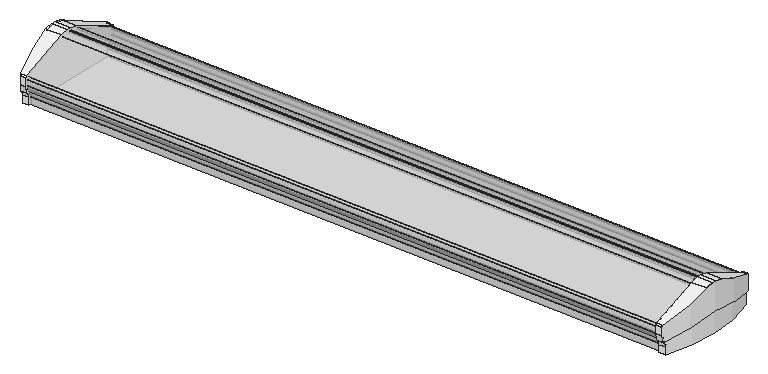
Revit family "0044871 Lighting Fixture_Sylvania_DeltaWing-LED-Electronic_Ceiling Surface", category Lighting Fixtures, host Face, Revit 2017
Family settings
  Host = Face
  Round Connector Dimension = Use Diameter
  Part Type = Normal
  OmniClass Number = 23.80.70.11.17
  OmniClass Title = Specialized Lighting by Location or Use
  Cut with Voids When Loaded = No
  Light Source = Yes
  Shared = No
  Room Calculation Point = No
Parameters (values of type "DELTAWING LED39 EB 4K 1200")
  Width = 200.0 mm
  Weight = 3.40 kg
  Wattage = 36 W
  built-in parameter 1150110 = 1 (stored number, unit not read)
  Voltage Comments = "UNV (Universal Voltage; 220-240 Volt)"  # constant formula
  Voltage = 230 V  # constant formula
  URL = "http://www.sylvania-lighting.com"
  built-in parameter 1114217 = 1 (stored number, unit not read)
  Tilt Angle = -90.00°
  built-in parameter 1150109 = 1 (stored number, unit not read)
  built-in parameter 1150134 = 12
  Ta Rating = "-10°C  to +25°C"  # constant formula
  built-in parameter 1150113 = 1 (stored number, unit not read)
  Product Page URL = "http://www.sylvania-lighting.com/product/en-int/products/0044871"
  Product Family = "DELTAWING LED - ELECTRONIC"  # constant formula
  Photometry Comments = ""
  Photometric Web File = "0044871_DELTAWINGLED40EB4K1200-197903.ies"
  Life = "50 000h"  # constant formula
  Length = 1218.0 mm
  LOR = "100%"
  Inrush Current (max. quantity per 16A C breaker) = "20"  # constant formula
  IP Rating = "IP44"  # constant formula
  IK Rating = "IK08"  # constant formula
  Height = 85.0 mm
  Glow Wire Test = 850 °C  # constant formula
  Glare Control = "UGR<22"
  Emit from Line Length = Length - 2.0 mm * 29  # 1160.0 mm
  Electrical Protection = "Class I"  # constant formula
  Drive Current = "250mA"
  built-in parameter 1114216 [instance] = 1 (stored number, unit not read)
  Cap Material = Plastic_Sylvania_DeltaWing_White
  Model = "DELTAWING LED39 EB 4K 1200"
  Manufacturer = "Feilo Sylvania"
  built-in parameter 1150105 = 1278.6 (stored number, unit not read)
  Lumens = 4029.84 lm
  built-in parameter 1150115 = 1 (stored number, unit not read)
  built-in parameter 1150137 = (empty or 0)
  built-in parameter 1150139 = (empty or 0)
  built-in parameter 1150112 = 1 (stored number, unit not read)
  built-in parameter 1150114 = 1 (stored number, unit not read)
  Lamp = "\tIntegrated LED"  # constant formula
  built-in parameter 1150132 = 2
  built-in parameter 1150102 = (empty or 0)
  built-in parameter 1150107 = 4000 (stored number, unit not read)
  built-in parameter 1150138 = (empty or 0)
  built-in parameter 1150106 = 12.786 (stored number, unit not read)
  CRI (Ra) = "> 80"  # constant formula
  Body Material = Steel_Sylvania_DeltaWing_White
  built-in parameter 1150104 = 10.4 (stored number, unit not read)
  Dimming Lamp Color Temperature Shift = <None>
  Diffuser Material = Polycarbonate_Sylvania_DeltaWing_Opal_4000K
  Description = "Low profile surface and suspended LED diffuser luminaire DeltaWing LED is perfect to fulfil a wide range of applications, including educational environments, medical buildings, storage facilities and circulation areas including stairwells High performance: delivers up to 7,260lm (luminaire lumen output on 4,000K version), and up to 102lm/W (total system efficiency) Available in neutral white (4,000K) and warm white (3,000K) Smooth Polycarbonate extruded diffuser provides high efficiency, while minimising glare Precision prisms designed to optimise light output and reduce glare Options of non-dimmable, DALI, 3 hour maintained Emergency and Integrated Microwave sensor as standard Integrated Microwave sensor mounted discretely behind the diffuser helps further reduce energy and maintenance bills Suitable for suspended mounting using wire suspension kit (to be ordered seperately) BESA box connection possibility standard on product Long lifetime: 50,000 hours life at 70% of the original output L70 Energy class: A++, A+, A"  # constant formula
  Default Elevation = 0.0 mm
  Color Filter = 16777215
  Catalog Number = "0044871 DELTAWING LED39 EB 4K 1200"
  built-in parameter 1140040 [instance] = 1
  built-in parameter 1114218 = 1 (stored number, unit not read)
  built-in parameter 1150133 = 10 (stored number, unit not read)
  Assembly Code = "D5020200"
  Apparent Load = 36 VA
Reference planes
  plane 1 "Center (Front/Back)": y = 0
  plane 2 "Fixture Top": z = 0
  plane 3 "Center (Left/Right)": x = 0
  plane 4 "Fixture Left": x = -609
  plane 5 "Fixture Right": x = 609
  plane 6 "Fixture Back": y = 100
  plane 7 "Fixture Front": y = -100
  plane 8 "Cap left": x = -580
  plane 9 "Cap Right": x = 580
  plane 10 "Lamp Plane": z = 22
  plane 11 "Fixture Bottom": z = 85
  plane 12: y = 20
  plane 13: y = -20
Forms (mm)
  Extrusion 1, solid, material "Steel_Sylvania_DeltaWing_White" <- "Body Material", detail levels fine
    sketch origin (0, 0, 0) x (0, 1, 0) y (0, 0, 1)
      loop
        line (-88.5, 0) -> (88.5, 0) -> (88.5, 13.239) -> (90.848, 22) -> (88.777, 22) -> (86.5, 13.502) -> (86.5, 2) -> (-86.5, 2) -> (-86.5, 13.502) -> (-88.777, 22) -> (-90.848, 22) -> (-88.5, 13.239) -> (-88.5, 0)
    from -580 to 580
  Extrusion 2, solid, material "Polycarbonate_Sylvania_DeltaWing_Opal_4000K" <- "Diffuser Material", detail levels fine
    sketch origin (0, 0, 0) x (0, 1, 0) y (0, 0, 1)
      loop
        line (96, 33.502) -> (94.018, 26.104) -> (92.041, 26.455) -> (88.5, 13.239) -> (88.5, 0) -> (90.5, 0) -> (90.5, 12.975) -> (93.498, 24.165) -> (95.475, 23.815) -> (98, 33.238) -> (98, 44.42)
        arc (98, 44.42) -> (97.319, 46.653) -> (95.506, 48.125) r 4
        line (95.506, 48.125) -> (16.971, 80.055)
        arc (16.971, 80.055) -> (9.581, 82.257) -> (1.906, 83) r 40
        line (1.906, 83) -> (-1.906, 83)
        arc (-1.906, 83) -> (-9.581, 82.257) -> (-16.971, 80.055) r 40
        line (-16.971, 80.055) -> (-95.506, 48.125)
        arc (-95.506, 48.125) -> (-97.319, 46.653) -> (-98, 44.42) r 4
        line (-98, 44.42) -> (-98, 33.238) -> (-95.475, 23.815) -> (-93.498, 24.165) -> (-90.5, 12.975) -> (-90.5, 0) -> (-88.5, 0) -> (-88.5, 13.239) -> (-92.041, 26.455) -> (-94.018, 26.104) -> (-96, 33.502) -> (-96, 43.074)
        arc (-96, 43.074) -> (-95.319, 45.307) -> (-93.506, 46.779) r 4
        line (-93.506, 46.779) -> (-15.978, 78.299)
        arc (-15.978, 78.299) -> (-9.922, 80.17) -> (-3.638, 81) r 37.685
        line (-3.638, 81) -> (3.638, 81)
        arc (3.638, 81) -> (9.922, 80.17) -> (15.978, 78.299) r 37.685
        line (15.978, 78.299) -> (93.506, 46.779)
        arc (93.506, 46.779) -> (95.319, 45.307) -> (96, 43.074) r 4
        line (96, 43.074) -> (96, 33.502)
    from -580 to 580
  Extrusion 3, solid, material "Steel_Sylvania_DeltaWing_White" <- "Body Material", detail levels coarse+medium
    sketch origin (0, 0, 0) x (0, 1, 0) y (0, 0, 1)
      loop
        line (-16.971, 80.055) -> (-95.506, 48.125)
        arc (-95.506, 48.125) -> (-97.319, 46.653) -> (-98, 44.42) r 4
        line (-98, 44.42) -> (-98, 33.238) -> (-95.475, 23.815) -> (-93.498, 24.165) -> (-90.5, 12.975) -> (-90.5, 0) -> (90.5, 0) -> (90.5, 12.975) -> (93.498, 24.165) -> (95.475, 23.815) -> (98, 33.238) -> (98, 44.42)
        arc (98, 44.42) -> (97.319, 46.653) -> (95.506, 48.125) r 4
        line (95.506, 48.125) -> (16.971, 80.055)
        arc (16.971, 80.055) -> (9.581, 82.257) -> (1.906, 83) r 40
        line (1.906, 83) -> (-1.906, 83)
        arc (-1.906, 83) -> (-9.581, 82.257) -> (-16.971, 80.055) r 40
    from -580 to 580
Dimensions and locks
  equal spacing: plane 4 "Fixture Left", plane 3 "Center (Left/Right)", plane 5 "Fixture Right"
  "Length": plane 4 "Fixture Left" to plane 5 "Fixture Right"
  locked: plane 4 "Fixture Left" to plane 8 "Cap left" at 29
  locked: plane 9 "Cap Right" to plane 5 "Fixture Right" at 29
  "Height": plane 11 "Fixture Bottom" to plane 2 "Fixture Top"
  equal spacing: plane 6 "Fixture Back", plane 1 "Center (Front/Back)", plane 7 "Fixture Front"
  "Width": plane 6 "Fixture Back" to plane 7 "Fixture Front"
  equal spacing: plane 12, plane 1 "Center (Front/Back)", plane 13
  locked: Extrusion 1 sketch curve to Extrusion 1 sketch curve at 2
  locked: plane 10 "Lamp Plane" to Extrusion 1 sketch curve at 8.498  (x2)
  aligned and locked: level to host face
  aligned and locked: nested 1 to plane 1 "Center (Front/Back)"
  aligned and locked: nested 1 to plane 5 "Fixture Right"
  aligned and locked: nested 2 to plane 4 "Fixture Left"
  aligned and locked: plane 2 "Fixture Top" to Extrusion 1 sketch curve
  aligned and locked: Extrusion 1 to plane 8 "Cap left"
  aligned and locked: plane 9 "Cap Right" to Extrusion 1
  aligned and locked: Extrusion 2 to plane 8 "Cap left"
  aligned and locked: plane 9 "Cap Right" to Extrusion 2
  aligned and locked: Extrusion 3 sketch curve to Extrusion 2  (x2)
  aligned and locked: Extrusion 3 to plane 8 "Cap left"
  aligned and locked: plane 9 "Cap Right" to Extrusion 3
  aligned and locked: plane 2 "Fixture Top" to nested 2
  aligned and locked: nested 1 to plane 2 "Fixture Top"
  aligned and locked: plane 10 "Lamp Plane" to Extrusion 1 sketch curve  (x2)
  aligned and locked: Extrusion 3 sketch curve to plane 2 "Fixture Top"
  aligned and locked: plane 2 "Fixture Top" to Extrusion 2 sketch curve
  aligned and locked: Extrusion 2 sketch curve to plane 2 "Fixture Top"
  aligned and locked: imposter light to plane 1 "Center (Front/Back)"
  aligned and locked: plane 3 "Center (Left/Right)" to imposter light
  aligned and locked: plane 11 "Fixture Bottom" to imposter light
Automatic sketch dimensions
  host sketch curve to host sketch curve = 1713.741 mm
  host sketch curve to host sketch curve = 1283.632 mm
  plane 7 "Fixture Front" to Extrusion 2 sketch curve = 2.0 mm
  Extrusion 2 sketch curve to plane 10 "Lamp Plane" = 9.025 mm  (x2)
  Extrusion 2 sketch curve to Extrusion 2 sketch curve = 2.0 mm  (x8)
  Extrusion 2 sketch curve to Extrusion 2 sketch curve = 2.494 mm
  plane 10 "Lamp Plane" to Extrusion 2 sketch curve = 1.815 mm  (x2)
  plane 7 "Fixture Front" to Extrusion 2 sketch curve = 4.525 mm
  Extrusion 2 sketch curve to Extrusion 2 sketch curve = 1.457 mm  (x2)
  plane 10 "Lamp Plane" to Extrusion 2 sketch curve = 2.165 mm  (x2)
  Extrusion 2 sketch curve to Extrusion 2 sketch curve = 0.52 mm
  Extrusion 2 sketch curve to Extrusion 2 sketch curve = 1.977 mm  (x3)
  plane 7 "Fixture Front" to Extrusion 2 sketch curve = 9.5 mm
  plane 13 to Extrusion 2 sketch curve = 3.029 mm
  Extrusion 2 sketch curve to Extrusion 2 sketch curve = 0.993 mm  (x2)
  plane 1 "Center (Front/Back)" to Extrusion 2 sketch curve = 3.638 mm
  plane 1 "Center (Front/Back)" to Extrusion 2 sketch curve = 1.906 mm
  Extrusion 2 sketch curve to plane 1 "Center (Front/Back)" = 1.906 mm
  Extrusion 2 sketch curve to Extrusion 2 sketch curve = 1.732 mm
  plane 12 to Extrusion 2 sketch curve = 4.022 mm
  Extrusion 2 sketch curve to plane 6 "Fixture Back" = 11.5 mm
  Extrusion 2 sketch curve to plane 6 "Fixture Back" = 7.959 mm
  Extrusion 2 sketch curve to plane 6 "Fixture Back" = 6.494 mm
  Extrusion 2 sketch curve to plane 6 "Fixture Back" = 4.0 mm
  Extrusion 2 sketch curve to plane 6 "Fixture Back" = 2.0 mm
  Extrusion 2 sketch curve to Extrusion 2 sketch curve = 0.041 mm  (x2)
  Extrusion 2 sketch curve to Extrusion 2 sketch curve = 1.506 mm
  Extrusion 2 sketch curve to Extrusion 2 sketch curve = 0.494 mm
  Extrusion 2 sketch curve to Extrusion 2 sketch curve = 0.263 mm  (x4)
  Extrusion 2 sketch curve to Extrusion 2 sketch curve = 1.939 mm  (x2)
  Extrusion 2 sketch curve to Extrusion 2 sketch curve = 0.351 mm  (x2)
  Extrusion 2 sketch curve to Extrusion 2 sketch curve = 7.134 mm  (x2)
  Extrusion 2 sketch curve to Extrusion 2 sketch curve = 9.572 mm  (x2)
  Extrusion 2 sketch curve to Extrusion 2 sketch curve = 1.346 mm  (x2)
  Extrusion 2 sketch curve to plane 11 "Fixture Bottom" = 6.701 mm
  Extrusion 2 sketch curve to Extrusion 2 sketch curve = 0.0 mm
  Extrusion 2 sketch curve to Extrusion 2 sketch curve = 1.755 mm  (x2)
  Extrusion 2 sketch curve to Extrusion 2 sketch curve = 2.701 mm
  Extrusion 1 sketch curve to Extrusion 1 sketch curve = 2.0 mm  (x2)
  Extrusion 1 sketch curve to Extrusion 1 sketch curve = 0.263 mm  (x2)
  Extrusion 1 sketch curve to Extrusion 1 sketch curve = 2.071 mm  (x2)
  plane 7 "Fixture Front" to Extrusion 1 sketch curve = 9.152 mm
  plane 13 to Extrusion 3 sketch curve = 3.029 mm
  Extrusion 3 sketch curve to Extrusion 3 sketch curve = 1.506 mm  (x2)
  Extrusion 3 sketch curve to Extrusion 3 sketch curve = 11.181 mm  (x2)
  plane 10 "Lamp Plane" to Extrusion 3 sketch curve = 1.815 mm  (x2)
  plane 7 "Fixture Front" to Extrusion 3 sketch curve = 4.525 mm
  plane 10 "Lamp Plane" to Extrusion 3 sketch curve = 2.165 mm  (x2)
  Extrusion 3 sketch curve to Extrusion 3 sketch curve = 1.977 mm  (x2)
  plane 7 "Fixture Front" to Extrusion 3 sketch curve = 9.5 mm
  Extrusion 3 sketch curve to plane 10 "Lamp Plane" = 9.025 mm  (x2)
  plane 1 "Center (Front/Back)" to Extrusion 3 sketch curve = 1.906 mm
  plane 10 "Lamp Plane" to Extrusion 3 sketch curve = 21.0 mm
  plane 12 to Extrusion 3 sketch curve = 3.029 mm
  Extrusion 3 sketch curve to plane 1 "Center (Front/Back)" = 1.906 mm
  Extrusion 3 sketch curve to plane 6 "Fixture Back" = 4.494 mm
  Extrusion 3 sketch curve to Extrusion 3 sketch curve = 0.0 mm
  plane 10 "Lamp Plane" to Extrusion 3 sketch curve = 26.125 mm
  Extrusion 3 sketch curve to plane 6 "Fixture Back" = 2.0 mm
  Extrusion 3 sketch curve to plane 6 "Fixture Back" = 4.525 mm
  Extrusion 3 sketch curve to plane 6 "Fixture Back" = 9.5 mm
  Extrusion 1 sketch curve to plane 6 "Fixture Back" = 11.223 mm
  plane 7 "Fixture Front" to Extrusion 1 sketch curve = 11.5 mm
  Extrusion 1 sketch curve to plane 6 "Fixture Back" = 13.5 mm
Nested families
  nested 1: "Cap" at (580, 0, 0) x (0, 1, 0) z (0, 0, 1), type "Type"
  nested 2: "Cap" at (-580, 0, 0) x (0, 1, 0) z (0, 0, 1), type "Type"
Connectors
  electrical at (0, 0, 0), driven by "Voltage", driven by "Apparent Load"
    settings: on Extrusion 1, index 1, voltage 230 V, apparent load 0 VA, apparent load phase1 36 VA, apparent load phase2 0 VA, apparent load phase3 0 VA, power factor 1, load classification "Lighting", number of poles 1, system type 31, power factor state 1, is connector primary yes, connector utility no, sub classification motor no, connector description ""
Definition of nested family "Cap"
  Parameters
    Height = 85.0 mm
    Width = 200.0 mm
    Default Elevation = 0.0 mm
    Cap Material = none
  Reference planes
    plane 1 "Center (Front/Back)": y = 0
    plane 2: z = 0
    plane 3 "Center (Left/Right)": x = 0
    plane 4: x = 100
    plane 5: x = -100
    plane 6: y = -29
    plane 7: y = -10
    plane 8: z = 85
    plane 9: z = 17
    plane 10: z = 22
    plane 11: z = 37
  Forms (mm)
    Extrusion 1, solid, material <- "Cap Material"
      sketch origin (0, 0, 0) x (1, 0, 0) y (0, 1, 0)
        loop
          line (-100, 0) -> (-100, -10)
          arc (-100, -10) -> (0, -28.818) -> (100, -10) r 275.114
          line (100, -10) -> (100, 0) -> (-100, 0)
      from 0 to 85
    Extrusion 2, void
      sketch origin (0, 0, 0) x (1, 0, 0) y (0, 0, 1)
        loop
          line (-92.5, 0) -> (-92.5, 12.712) -> (-94.955, 21.876) -> (-96.887, 21.358) -> (-101.913, 40.115)
          arc (-101.913, 40.115) -> (-101.345, 45.755) -> (-97.183, 49.603) r 8
          line (-97.183, 49.603) -> (-17.481, 82.006)
          arc (-17.481, 82.006) -> (-8.901, 84.444) -> (0, 85) r 41.685
          arc (0, 85) -> (8.901, 84.444) -> (17.481, 82.006) r 41.685
          line (17.481, 82.006) -> (97.183, 49.603)
          arc (97.183, 49.603) -> (101.345, 45.755) -> (101.913, 40.115) r 8
          line (101.913, 40.115) -> (96.887, 21.358) -> (94.955, 21.876) -> (92.5, 12.712) -> (92.5, 0) -> (117.5, 0) -> (117.5, 106.013) -> (-117.5, 106.013) -> (-117.5, 0) -> (-92.5, 0)
      from 0 to 250
    Extrusion 3, void
      sketch origin (0, 0, 0) x (1, 0, 0) y (0, 0, 1)
        loop
          line (-94.955, 21.876) -> (-100, 20.524) -> (-100, 0) -> (100, 0) -> (100, 20.524) -> (94.955, 21.876) -> (10.419, 36.87)
          arc (10.419, 36.87) -> (0, 37.781) -> (-10.419, 36.87) r 60
          line (-10.419, 36.87) -> (-94.955, 21.876)
      from -68.585 to 250
    Extrusion 4, solid, material <- "Cap Material"
      sketch origin (0, 0, 0) x (1, 0, 0) y (0, 1, 0)
        loop
          line (-100, 0) -> (-100, -9.525)
          arc (-100, -9.525) -> (0.169, -27.445) -> (100, -7.727) r 275.114
          line (100, -7.727) -> (100, 0) -> (-100, 0)
      from 0 to 85
    Extrusion 5, void
      sketch origin (0, 0, 0) x (1, 0, 0) y (0, 0, 1)
        loop
          line (-92.5, 0) -> (-92.5, 12.712) -> (-94.955, 21.876) -> (-96.887, 21.358) -> (-101.913, 40.115)
          arc (-101.913, 40.115) -> (-101.345, 45.755) -> (-97.183, 49.603) r 8
          line (-97.183, 49.603) -> (-17.481, 82.006)
          arc (-17.481, 82.006) -> (-8.901, 84.444) -> (0, 85) r 41.685
          arc (0, 85) -> (8.901, 84.444) -> (17.481, 82.006) r 41.685
          line (17.481, 82.006) -> (97.183, 49.603)
          arc (97.183, 49.603) -> (101.345, 45.755) -> (101.913, 40.115) r 8
          line (101.913, 40.115) -> (96.887, 21.358) -> (94.955, 21.876) -> (92.5, 12.712) -> (92.5, 0) -> (117.5, 0) -> (117.5, 106.013) -> (-117.5, 106.013) -> (-117.5, 0) -> (-92.5, 0)
      from 0 to 250
  Cuts and joins
    Extrusion 2, Extrusion 3, Extrusion 5 cuts Extrusion 1
    Extrusion 5 cuts Extrusion 4
    joined: Extrusion 1, Extrusion 4
  Dimensions and locks
    equal spacing: plane 5, plane 3 "Center (Left/Right)", plane 4
    "Width": plane 5 to plane 4
    locked: plane 1 "Center (Front/Back)" to plane 6 at 29
    plane 1 "Center (Front/Back)" to plane 7 = 10.0 mm
    "Height": plane 8 to level
    plane 9 to plane 2 = 17.0 mm
    plane 10 to plane 9 = 5.0 mm
    Extrusion 2 sketch curve to plane 5 = 7.5 mm
    aligned and locked: level to plane 2
    aligned and locked: plane 1 "Center (Front/Back)" to Extrusion 1 sketch curve
    aligned and locked: Extrusion 1 sketch curve to plane 5
    aligned and locked: Extrusion 1 sketch curve to plane 4
    aligned and locked: plane 7 to Extrusion 1 sketch curve  (x2)
    aligned and locked: Extrusion 1 to plane 2
    aligned and locked: plane 8 to Extrusion 1
  Automatic sketch dimensions
    Extrusion 1 sketch curve to plane 1 "Center (Front/Back)" = 246.296 mm
    Extrusion 2 sketch curve to plane 5 = 17.5 mm
    Extrusion 2 sketch curve to plane 9 = 4.288 mm
    Extrusion 2 sketch curve to plane 3 "Center (Left/Right)" = 0.0 mm
    Extrusion 2 sketch curve to plane 8 = 0.0 mm
    Extrusion 2 sketch curve to plane 5 = 1.913 mm
    plane 5 to Extrusion 2 sketch curve = 2.817 mm
    plane 10 to Extrusion 2 sketch curve = 0.642 mm  (x2)
    plane 5 to Extrusion 2 sketch curve = 3.113 mm
    plane 10 to Extrusion 2 sketch curve = 0.124 mm  (x2)
    Extrusion 2 sketch curve to plane 8 = 2.994 mm  (x2)
    Extrusion 2 sketch curve to plane 3 "Center (Left/Right)" = 17.481 mm
    plane 3 "Center (Left/Right)" to Extrusion 2 sketch curve = 17.481 mm
    Extrusion 2 sketch curve to plane 4 = 7.5 mm
    Extrusion 2 sketch curve to plane 4 = 5.045 mm
    Extrusion 2 sketch curve to Extrusion 2 sketch curve = 1.932 mm
    Extrusion 2 sketch curve to plane 4 = 2.817 mm
    plane 4 to Extrusion 2 sketch curve = 1.913 mm
    plane 4 to Extrusion 2 sketch curve = 17.5 mm
    plane 5 to Extrusion 2 sketch curve = 5.814 mm
    Extrusion 2 sketch curve to plane 3 "Center (Left/Right)" = 1.865 mm
    plane 3 "Center (Left/Right)" to Extrusion 2 sketch curve = 1.865 mm
    Extrusion 2 sketch curve to plane 4 = 5.814 mm
    Extrusion 2 sketch curve to Extrusion 2 sketch curve = 9.488 mm  (x2)
    plane 8 to Extrusion 2 sketch curve = 21.013 mm
    Extrusion 2 sketch curve to level = 0.0 mm  (x2)
    Extrusion 3 sketch curve to plane 3 "Center (Left/Right)" = 0.0 mm
    plane 10 to Extrusion 3 sketch curve = 0.124 mm  (x2)
    Extrusion 3 sketch curve to plane 3 "Center (Left/Right)" = 10.419 mm
    plane 3 "Center (Left/Right)" to Extrusion 3 sketch curve = 10.419 mm
    plane 11 to Extrusion 3 sketch curve = 0.13 mm
    plane 10 to Extrusion 3 sketch curve = 1.476 mm  (x2)
    Extrusion 3 sketch curve to level = 0.0 mm
    Extrusion 3 sketch curve to plane 5 = 0.0 mm
    Extrusion 3 sketch curve to Extrusion 3 sketch curve = 22.219 mm
    plane 5 to Extrusion 3 sketch curve = 5.045 mm
    Extrusion 3 sketch curve to plane 4 = 5.045 mm
    plane 4 to Extrusion 3 sketch curve = 0.0 mm
    plane 1 "Center (Front/Back)" to Extrusion 4 sketch curve = 0.0 mm
    Extrusion 4 sketch curve to plane 5 = 0.0 mm
    Extrusion 4 sketch curve to plane 4 = 0.0 mm
    plane 7 to Extrusion 4 sketch curve = 2.273 mm
    plane 7 to Extrusion 4 sketch curve = 0.475 mm
    Extrusion 4 sketch curve to plane 1 "Center (Front/Back)" = 247.658 mm
    Extrusion 5 sketch curve to level = 0.0 mm  (x2)
    Extrusion 5 sketch curve to plane 5 = 17.5 mm
    Extrusion 5 sketch curve to plane 9 = 4.288 mm  (x2)
    Extrusion 5 sketch curve to plane 3 "Center (Left/Right)" = 0.0 mm
    Extrusion 5 sketch curve to plane 8 = 0.0 mm
    Extrusion 5 sketch curve to plane 5 = 1.913 mm
    plane 5 to Extrusion 5 sketch curve = 2.817 mm
    plane 10 to Extrusion 5 sketch curve = 0.642 mm  (x2)
    plane 5 to Extrusion 5 sketch curve = 3.113 mm
    plane 10 to Extrusion 5 sketch curve = 0.124 mm  (x2)
    Extrusion 5 sketch curve to Extrusion 5 sketch curve = 1.932 mm
    Extrusion 5 sketch curve to plane 8 = 2.994 mm  (x2)
    Extrusion 5 sketch curve to plane 3 "Center (Left/Right)" = 17.481 mm
    plane 3 "Center (Left/Right)" to Extrusion 5 sketch curve = 17.481 mm
    Extrusion 5 sketch curve to plane 4 = 7.5 mm
    Extrusion 5 sketch curve to plane 4 = 5.045 mm
    Extrusion 5 sketch curve to plane 4 = 2.817 mm
    plane 4 to Extrusion 5 sketch curve = 1.913 mm
    plane 4 to Extrusion 5 sketch curve = 17.5 mm
    plane 5 to Extrusion 5 sketch curve = 5.814 mm
    Extrusion 5 sketch curve to plane 3 "Center (Left/Right)" = 1.865 mm
    plane 3 "Center (Left/Right)" to Extrusion 5 sketch curve = 1.865 mm
    Extrusion 5 sketch curve to plane 4 = 5.814 mm
    Extrusion 5 sketch curve to Extrusion 5 sketch curve = 9.488 mm  (x2)
    plane 8 to Extrusion 5 sketch curve = 21.013 mm
